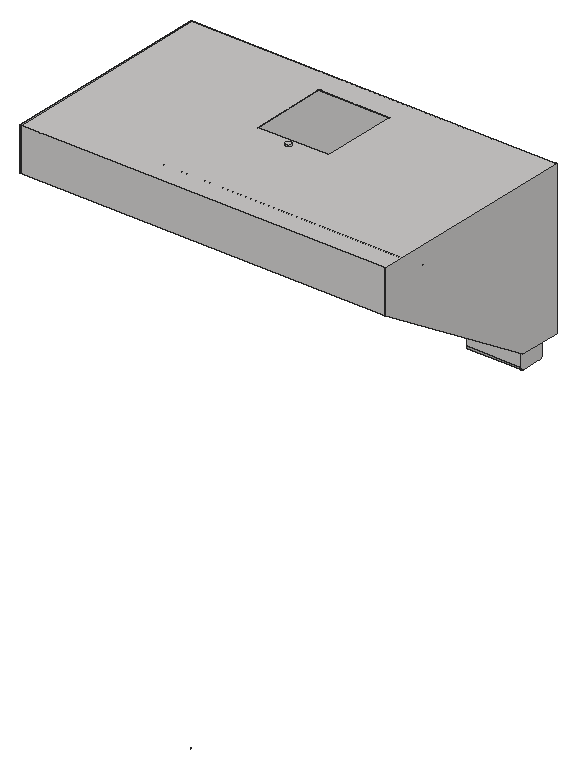
Revit family "QF_ELECTROLUXPROFESSIONAL_644199_AMPV712DT", category Attrezzature speciali, Revit 2021
Family settings
  Quota connettore circolare = Usa diametro
  Tipo di parte = Normale
  Basato su piano di lavoro = No
  Sempre verticale = Sì
  Taglio con vuoti quando caricato = No
  Condiviso = No
  Punto di calcolo locali = No
Parameters (values of type "Standard")
  Weight = 36.00 kg
  Watts = 300 W
  Volts = 220 V
  URL Manufacturer = "https://www.electroluxprofessional.com/"
  URL = "https://www.electroluxprofessional.com/"
  Steam Supply Size = 0 mm
  Steam Supply Minimum Pressure = 0.0 Pa
  Steam Supply Maximum Pressure = 0.0 Pa
  Steam Consumption per Hour = 0
  Refrigeration Suction Line Size = 0 mm
  Refrigeration Liquid Line Size = 0 mm
  Refrigerant Compressor Remote = yes
  Prospetto di default = 0 mm
  Produttore = "Electrolux Professional"
  Phase = 1
  Modello = "AMPV712DT"
  Length Actual = 1200 mm  # constant formula
  Item Number = "644199"
  Hot Water Size = 0 mm
  Height Actual = 500 mm  # constant formula
  HP = "0.4 HP"
  Gas Size = 0 mm
  Gas KW = 0
  Gas Input Pressure = 0 W
  Direct Waste Size = 0 mm
  Descrizione = "304 S/S WALL HOOD+FILTERS+FAN 1200X700MM"
  Depth Actual = 700 mm  # constant formula
  Cycle = 50 Hz
  Condensate Return Size = 0 mm
  Compressed Air Volume = 0.0 L/s
  Compressed Air Size = 0 mm
  Compressed Air Pressure = 0.0 Pa
  Cold Water Size = 0 mm
  Accessory = yes
Reference planes
  plane 1: z = 0
  plane 2 "Center (Left/Right)": x = 150
  plane 3 "LEFT": x = -450
  plane 4 "RIGHT": x = 750
  plane 5 "BACK": y = 550
  plane 6 "Plane": z = 2000
  plane 7 "TOP": z = 2140
  plane 8 "Base": z = 1640
  plane 9: z = 1566
  plane 10 "DrainY": y = 485
  plane 11: x = -447
  plane 12: through (0, 414.509, 1640.8) normal (0, 0.7314, 0.682)
  plane 13: y = 470
  plane 14: y = 220
  plane 15 "DrainX": x = 630
  plane 16: x = 33.5
  plane 17: x = 266.5
  plane 18: x = 747
  plane 19: x = 540
  plane 20: x = -410
  plane 21: x = 710
  plane 22: x = -47.5
  plane 23: x = 347.5
  plane 24 "Center (Front/Back)": y = 200
  plane 25 "Front": y = -150
Forms (mm)
  Extrusion 1, solid, material "QF_Finishes_Stainless Steel"
    sketch origin (-450, 0, 0) x (0, 1, 0) y (0, 0, 1)
      loop
        line (550, 1640) -> (550, 2140) -> (-150, 2140) -> (-150, 1999.112) -> (413.973, 1640) -> (550, 1640)
    from 0 to 3
  Extrusion 2, solid, material "QF_Finishes_Stainless Steel"
    sketch origin (150, 0, 0) x (0, 1, 0) y (0, 0, 1)
      loop
        line (415.255, 1640) -> (550, 1640) -> (550, 2139.19) -> (549.2, 2139.19) -> (549.2, 1640.8) -> (415.876, 1640.8) -> (339.347, 1722.867) -> (349.609, 1732.436) -> (348.927, 1733.167) -> (337.934, 1722.917) -> (415.255, 1640)
      loop
        line (-82.203, 2139.19) -> (-82.203, 2118.6) -> (-31.047, 2118.6) -> (34.354, 2048.466) -> (46.028, 2059.352) -> (45.346, 2060.083) -> (34.403, 2049.879) -> (-30.612, 2119.6) -> (-81.203, 2119.6) -> (-81.203, 2139.19) -> (-82.203, 2139.19)
    from -597 to 597
  Extrusion 3, solid, material "QF_Finishes_Stainless Steel"
    sketch origin (750, 0, 0) x (0, 1, 0) y (0, 0, 1)
      loop
        line (550, 1640) -> (550, 2140) -> (-150, 2140) -> (-150, 1999.112) -> (413.973, 1640) -> (550, 1640)
    from 0 to -3
  Extrusion 4, solid, material "QF_Finishes_Stainless Steel"
    sketch origin (150, 0, 0) x (0, 1, 0) y (0, 0, 1)
      loop
        line (-150, 2140) -> (-150, 2000) -> (-149.2, 2000) -> (-149.2, 2139.19) -> (550, 2139.19) -> (550, 2140) -> (-150, 2140)
    from -600 to 600
  Extrusion 5, solid, material "QF_Finishes_Stainless Steel"
    sketch origin (150, 0, 0) x (0, 1, 0) y (0, 0, 1)
      loop
        line (534, 1640) -> (436, 1640) -> (436, 1627) -> (443.5, 1627) -> (443.5, 1576)
        arc (443.5, 1576) -> (446.429, 1568.929) -> (453.5, 1566) r 10
        line (453.5, 1566) -> (516.5, 1566)
        arc (516.5, 1566) -> (523.571, 1568.929) -> (526.5, 1576) r 10
        line (526.5, 1576) -> (526.5, 1627) -> (534, 1627) -> (534, 1640)
    from 390 to 570
  Extrusion 6, solid, material "QF_Finishes_Stainless Steel"
    sketch origin (0, 0, 1640) x (0, 1, 0) y (-1, 0, 0)
      loop
        circle (485, -630) r 20
    from -76 to -74
  Extrusion 7, solid, material "QF_Finished_Chrome"
    sketch origin (150, 0, 0) x (0, 1, 0) y (0, 0, 1)
      loop
        line (337.934, 1722.917) -> (341.591, 1726.327) -> (38.011, 2051.876) -> (34.354, 2048.466) -> (337.934, 1722.917)
    from -197.5 to -560
  Extrusion 8, solid, material "QF_Finishes_Stainless Steel"
    sketch origin (150, 0, 0) x (0, 1, 0) y (0, 0, 1)
      loop
        line (337.934, 1722.917) -> (341.591, 1726.327) -> (38.011, 2051.876) -> (34.354, 2048.466) -> (337.934, 1722.917)
    from 597 to 560
  Extrusion 9, solid, material "QF_Finished_Chrome"
    sketch origin (150, 0, 0) x (0, 1, 0) y (0, 0, 1)
      loop
        line (341.588, 1726.324) -> (38.009, 2051.874) -> (34.354, 2048.466) -> (337.934, 1722.917) -> (341.588, 1726.324)
    from 197.5 to 560
  Extrusion 10, void
    sketch origin (0, 0, 2140) x (0, 1, 0) y (-1, 0, 0)
      loop
        line (470, -266.5) -> (470, -33.5) -> (220, -33.5) -> (220, -266.5) -> (470, -266.5)
    from 0 to -10
  Extrusion 11, solid, material "QF_Finishes_Stainless Steel"
    sketch origin (0, 0, 0) x (1, 0, 0) y (0, 1, 0)
      loop
        line (-450, 550) -> (-450, 549) -> (-449, 549) -> (-449, 550) -> (-450, 550)
    from 0 to 1
  Extrusion 12, solid, material "QF_Finishes_Stainless Steel"
    sketch origin (150, 0, 0) x (0, 1, 0) y (0, 0, 1)
      loop
        line (337.934, 1722.917) -> (341.591, 1726.327) -> (38.011, 2051.876) -> (34.354, 2048.466) -> (337.934, 1722.917)
    from -560 to -597
  Extrusion 13, solid, material "QF_Finishes_Stainless Steel"
    sketch origin (150, 0, 0) x (0, 1, 0) y (0, 0, 1)
      loop
        line (337.934, 1722.917) -> (341.591, 1726.327) -> (38.011, 2051.876) -> (34.354, 2048.466) -> (337.934, 1722.917)
    from 197.5 to -197.5
  Extrusion 14, solid, material "QF_Finishes_Stainless Steel"
    sketch origin (0, 0, 2140) x (0, 1, 0) y (-1, 0, 0)
      loop
        circle (200, -150) r 10
    from 0 to 2
Cuts and joins
  Extrusion 10 cuts Extrusion 4
  joined: Extrusion 2, Extrusion 4
Lines and regions (mm)
  reference lines
    curve 1: line (150, 34.354, 2048.466) -> (150, 34.354, 1888.466)
  symbolic lines, style "SpecialityEquipment", detail levels coarse
    curve 2: line (750, 550, 2140) -> (-450, 550, 2140)
    curve 3: line (-450, 550, 2140) -> (-450, -150, 2140)
    curve 4: line (750, -150, 2140) -> (750, 550, 2140)
    curve 5: line (-450, -150, 2140) -> (750, -150, 2140)
    curve 6: line (266.5, 220, 2140) -> (33.5, 220, 2140)
    curve 7: line (266.5, 470, 2140) -> (266.5, 220, 2140)
    curve 8: line (33.5, 470, 2140) -> (266.5, 470, 2140)
    curve 9: line (33.5, 220, 2140) -> (33.5, 470, 2140)
  symbolic lines, detail levels coarse
    curve 10: line (-450, -150, 2140) -> (750, 550, 2140)
    curve 11: line (-450, 550, 2140) -> (750, -150, 2140)
Dimensions and locks
  plane 3 "LEFT" to plane 4 "RIGHT" = 1200 mm
  equal spacing: plane 3 "LEFT", plane 2 "Center (Left/Right)", plane 4 "RIGHT"
  locked: plane 6 "Plane" to level at 2000
  plane 7 "TOP" to plane 6 "Plane" = 140 mm
  locked: plane 7 "TOP" to plane 8 "Base" at 500
  plane 8 "Base" to plane 9 = 74 mm
  plane 5 "BACK" to plane 10 "DrainY" = 65 mm  (x2)
  plane 3 "LEFT" to plane 11 = 3 mm
  plane 5 "BACK" to plane 13 = 80 mm
  plane 13 to plane 14 = 250 mm  (x2)
  plane 15 "DrainX" to plane 4 "RIGHT" = 120 mm
  plane 18 to plane 4 "RIGHT" = 3 mm
  locked: plane 19 to plane 15 "DrainX" at 90
  plane 13 to plane 5 "BACK" = 80 mm
  locked: plane 3 "LEFT" to plane 20 at 40
  locked: plane 21 to plane 4 "RIGHT" at 40
  locked: plane 22 to plane 23 at 395
  equal spacing: plane 22, plane 2 "Center (Left/Right)", plane 23
  locked: plane 16 to plane 17 at 233
  equal spacing: plane 16, plane 2 "Center (Left/Right)", plane 17
  locked: plane 5 "BACK" to plane 25 "Front" at 700
  equal spacing: plane 5 "BACK", plane 24 "Center (Front/Back)", plane 25 "Front"
  plane 5 "BACK" to plane 25 "Front" = 700 mm
  aligned and locked: level to plane 1
  aligned and locked: Extrusion 2 to Extrusion 1
  aligned and locked: Extrusion 2 to Extrusion 3
  aligned and locked: plane 4 "RIGHT" to Extrusion 4
  aligned and locked: Extrusion 4 to plane 3 "LEFT"
  aligned and locked: plane 18 to Extrusion 8
  aligned and locked: Extrusion 10 to plane 16
  aligned and locked: Extrusion 10 to plane 14
  aligned and locked: Extrusion 10 to plane 13
  aligned and locked: Extrusion 2 to Extrusion 4
  aligned and locked: Extrusion 5 to plane 19
  aligned and locked: Extrusion 8 to plane 21
  aligned and locked: Extrusion 9 to plane 21
  aligned and locked: Extrusion 7 to plane 20
  aligned and locked: Extrusion 12 to plane 11
  aligned and locked: plane 20 to Extrusion 12
  aligned and locked: Extrusion 3 to plane 18
  aligned and locked: Extrusion 10 to plane 17
  aligned and locked: plane 17 to curve 7
  aligned and locked: plane 23 to Extrusion 13
  aligned and locked: Extrusion 13 to plane 22
  aligned and locked: Extrusion 9 to plane 23
Automatic sketch dimensions
  Extrusion 2 sketch curve to plane 12 = 0 mm  (x3)
  Extrusion 2 sketch curve to plane 8 "Base" = 0 mm
  plane 12 to Extrusion 2 sketch curve = 0 mm
  Extrusion 2 sketch curve to plane 5 "BACK" = 0 mm
  Extrusion 2 sketch curve to Extrusion 2 sketch curve = 65.646 mm
  Extrusion 2 sketch curve to Extrusion 2 sketch curve = 0.682 mm  (x2)
  Extrusion 2 sketch curve to Extrusion 2 sketch curve = 10.261 mm
  plane 8 "Base" to Extrusion 2 sketch curve = 82.917 mm
  Extrusion 2 sketch curve to Extrusion 2 sketch curve = 10.942 mm
  Extrusion 2 sketch curve to Extrusion 2 sketch curve = 0.049 mm
  Extrusion 2 sketch curve to plane 7 "TOP" = 20.4 mm
  Extrusion 2 sketch curve to plane 7 "TOP" = 21.4 mm
  Extrusion 2 sketch curve to plane 7 "TOP" = 0.81 mm  (x2)
  Extrusion 2 sketch curve to Extrusion 2 sketch curve = 50.156 mm
  Extrusion 2 sketch curve to Extrusion 2 sketch curve = 1 mm
  plane 8 "Base" to Extrusion 2 sketch curve = 0.8 mm
  Extrusion 2 sketch curve to plane 5 "BACK" = 0.8 mm
  Extrusion 3 sketch curve to plane 8 "Base" = 0 mm
  Extrusion 3 sketch curve to plane 5 "BACK" = 0 mm
  Extrusion 3 sketch curve to plane 7 "TOP" = 0 mm
  plane 13 to Extrusion 3 sketch curve = 56.027 mm
  Extrusion 3 sketch curve to plane 6 "Plane" = 0.888 mm
  Extrusion 4 sketch curve to plane 6 "Plane" = 0 mm
  Extrusion 4 sketch curve to plane 5 "BACK" = 0 mm
  Extrusion 4 sketch curve to plane 7 "TOP" = 0 mm
  Extrusion 4 sketch curve to plane 7 "TOP" = 0.81 mm
  curve 1 to plane 12 = 0 mm
  curve 1 to plane 6 "Plane" = 111.534 mm
  Extrusion 5 sketch curve to plane 8 "Base" = 0 mm
  Extrusion 5 sketch curve to plane 9 = 0 mm
  Extrusion 5 sketch curve to plane 8 "Base" = 13 mm  (x2)
  plane 13 to Extrusion 5 sketch curve = 34 mm
  Extrusion 5 sketch curve to Extrusion 5 sketch curve = 7.5 mm  (x2)
  Extrusion 5 sketch curve to Extrusion 5 sketch curve = 10 mm
  plane 10 "DrainY" to Extrusion 5 sketch curve = 31.5 mm
  Extrusion 5 sketch curve to plane 5 "BACK" = 23.5 mm
  Extrusion 6 sketch curve to plane 10 "DrainY" = 0 mm
  Extrusion 6 sketch curve to plane 15 "DrainX" = 0 mm
  Extrusion 7 sketch curve to plane 12 = 0 mm  (x2)
  Extrusion 7 sketch curve to Extrusion 7 sketch curve = 3.657 mm
  plane 8 "Base" to Extrusion 7 sketch curve = 82.917 mm
  Extrusion 8 sketch curve to plane 12 = 0 mm  (x2)
  Extrusion 8 sketch curve to Extrusion 8 sketch curve = 3.657 mm
  plane 8 "Base" to Extrusion 8 sketch curve = 82.917 mm
  Extrusion 9 sketch curve to plane 12 = 0 mm  (x2)
  Extrusion 9 sketch curve to Extrusion 9 sketch curve = 3.655 mm
  plane 8 "Base" to Extrusion 9 sketch curve = 82.917 mm
  Extrusion 10 sketch curve to plane 14 = 0 mm
  plane 13 to Extrusion 10 sketch curve = 0 mm
  Extrusion 10 sketch curve to plane 17 = 0 mm
  Extrusion 10 sketch curve to plane 16 = 0 mm
  Extrusion 11 sketch curve to plane 3 "LEFT" = 0 mm
  Extrusion 11 sketch curve to plane 5 "BACK" = 0 mm
  plane 3 "LEFT" to Extrusion 11 sketch curve = 1 mm
  Extrusion 11 sketch curve to Extrusion 11 sketch curve = 1 mm
  Extrusion 12 sketch curve to plane 12 = 0 mm  (x2)
  Extrusion 12 sketch curve to Extrusion 12 sketch curve = 3.657 mm
  plane 8 "Base" to Extrusion 12 sketch curve = 82.917 mm
  Extrusion 13 sketch curve to plane 12 = 0 mm  (x2)
  Extrusion 13 sketch curve to Extrusion 13 sketch curve = 3.657 mm
  plane 8 "Base" to Extrusion 13 sketch curve = 82.917 mm
  Extrusion 4 sketch curve to Extrusion 4 sketch curve = 0.8 mm
  plane 6 "Plane" to Extrusion 2 sketch curve = 48.466 mm
  Extrusion 3 sketch curve to plane 14 = 370 mm
  Extrusion 4 sketch curve to plane 14 = 369.2 mm
  curve 1 to plane 14 = 185.646 mm
  plane 6 "Plane" to Extrusion 7 sketch curve = 51.876 mm
  plane 6 "Plane" to Extrusion 8 sketch curve = 51.876 mm
  plane 6 "Plane" to Extrusion 9 sketch curve = 51.874 mm
  plane 6 "Plane" to Extrusion 12 sketch curve = 51.876 mm
  plane 6 "Plane" to Extrusion 13 sketch curve = 51.876 mm
  Extrusion 1 sketch curve to plane 25 "Front" = 0 mm
  Extrusion 1 sketch curve to plane 8 "Base" = 0 mm
  Extrusion 1 sketch curve to plane 5 "BACK" = 0 mm
  Extrusion 1 sketch curve to plane 7 "TOP" = 0 mm
  plane 13 to Extrusion 1 sketch curve = 56.027 mm
  Extrusion 1 sketch curve to plane 6 "Plane" = 0.888 mm
  Extrusion 14 sketch curve to plane 2 "Center (Left/Right)" = 0 mm
  Extrusion 14 sketch curve to plane 24 "Center (Front/Back)" = 0 mm
  curve 10 to plane 3 "LEFT" = 0 mm
  curve 10 to plane 25 "Front" = 0 mm
  curve 7 to plane 14 = 0 mm
  plane 13 to curve 7 = 0 mm
  curve 3 to plane 5 "BACK" = 0 mm
  curve 2 to plane 4 "RIGHT" = 0 mm
  curve 6 to plane 16 = 0 mm
  radius of Extrusion 6 sketch curve = 20 mm
  radius of Extrusion 14 sketch curve = 10 mm
Connectors
  piping at (630, 485, 1564), diameter 20
    settings: on Extrusion 6, index 1, connector inside diameter 609.6 mm, connector length 0 mm, flow factor 0, pipe flow 0.0 L/s, pressure drop 0.0 Pa, fitting loss kfactor 0, connector angle 0.00°, fixture units 0, engagement length 0 mm, angle of deflection 0.00°, flow configuration 1, flow direction 2, fitting loss method 0, system type 16, joint type 0, gender type 0, connector reference index -1, connector utility 0, adjustable connector no, is connector primary yes, connector description "Drain"
  hvac at (150, 345, 2140)
    settings: on Extrusion 10, index 2, duct flow 0.0 L/s, flow factor 0, pres drop 0.0 Pa, loss coef 0, conn angle 0.00°, conn width 250 mm, conn height 233 mm, conn diameter 609.6 mm, duct sys type 3, conn prof type 1, flow config 0, flow direction 2, loss method 0, conn ref index -1, conn util no, is conn primary yes, conn desc "EXHAUST OUTLET"
  electrical at (150, 200, 2142), driven by "Volts"
    settings: on Extrusion 14, index 3, voltage 220 V, apparent load 0 VA, apparent load phase1 0 VA, apparent load phase2 0 VA, apparent load phase3 0 VA, power factor 1, load classification "Other", number of poles 1, system type 30, power factor state 1, is connector primary yes, connector utility no, sub classification motor no, connector description "Electrical Connection"
